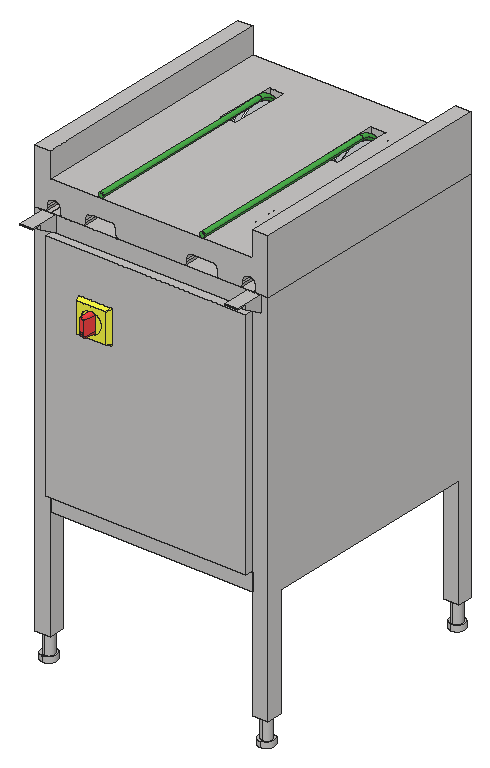
Revit family "QF_ELECTROLUXPROFESSIONAL_865130_HSCCTD", category Attrezzature speciali, Revit 2020
Family settings
  Quota connettore circolare = Usa diametro
  Tipo di parte = Normale
  Basato su piano di lavoro = No
  Sempre verticale = Sì
  Taglio con vuoti quando caricato = No
  Condiviso = No
  Punto di calcolo locali = No
Parameters (values of type "Standard")
  Weight = 48.00 kg
  Watts = 750 W
  Volts = 230 V
  URL Manufacturer = "https://www.electroluxprofessional.com/"
  URL = "https://www.electroluxprofessional.com/"
  Steam Supply Size = 0 mm
  Steam Supply Minimum Pressure = 0.0 Pa
  Steam Supply Maximum Pressure = 0.0 Pa
  Steam Consumption per Hour = 0
  Show Clearance [instance] = yes
  Refrigeration Suction Line Size = 0 mm
  Refrigeration Liquid Line Size = 0 mm
  Refrigerant Compressor Remote = yes
  Prospetto di default = 0 mm
  Produttore = "Electrolux Professional"
  Phase = 1
  Modello = "HSCCTD"
  Length Actual = 500 mm  # constant formula
  Item Number = "865130"
  Hot Water Size = 0 mm
  Height Actual = 910 mm  # constant formula
  HP = "1 HP"
  Gas Size = 0 mm
  Gas KW = 0
  Gas Input Pressure = 0 W
  Direct Waste Size = 0 mm
  Descrizione = "DRIVE UNIT OF CORD CONVEYOR FOR TRAYS WITH VARIABLE SPEED AND LEGS"
  Depth Actual = 460 mm  # constant formula
  Cycle = 50 Hz
  Condensate Return Size = 0 mm
  Compressed Air Volume = 0.0 L/s
  Compressed Air Size = 0 mm
  Compressed Air Pressure = 0.0 Pa
  Cold Water Size = 0 mm
  Accessory = yes
Reference planes
  plane 1 "Center (Front/Back)": y = 0
  plane 2: z = 0
  plane 3 "FRONT": y = -557
  plane 4 "LEFT": x = 4
  plane 5 "RIGHT": x = 464
  plane 6: z = 800.5
  plane 7: x = 234
  plane 8: y = -500
  plane 9: z = 910.5
  plane 10: y = -500
  plane 11: z = 270.5
  plane 12: x = 134
  plane 13: x = 334
  plane 14: y = -125
  plane 15: through (171, -330, 4300) normal (-0.7071, -0.7071, 0)
  plane 16: through (171, -310, 4300) normal (0.7071, -0.7071, 0)
Forms (mm)
  Extrusion 1, solid, material "QF_Finishes_Stainless Steel"
    sketch origin (4, -374, 800.5) x (-1, 0, 0) y (0, 0, 1)
      loop
        line (0, 110) -> (-30, 110) -> (-30, 60) -> (-430, 60) -> (-430, 110) -> (-460, 110) -> (-460, 0) -> (-442, 0)
        arc (-442, 0) -> (-437.05, 2.05) -> (-435, 7) r 7
        line (-435, 7) -> (-435, 12.5)
        arc (-435, 12.5) -> (-431.339, 21.339) -> (-422.5, 25) r 12.5
        arc (-422.5, 25) -> (-413.661, 21.339) -> (-410, 12.5) r 12.5
        line (-410, 12.5) -> (-410, 7)
        arc (-410, 7) -> (-407.95, 2.05) -> (-403, 0) r 7
        line (-403, 0) -> (-367, 0)
        arc (-367, 0) -> (-362.05, 2.05) -> (-360, 7) r 7
        line (-360, 7) -> (-360, 12.5)
        arc (-360, 12.5) -> (-356.339, 21.339) -> (-347.5, 25) r 12.5
        line (-347.5, 25) -> (-312.5, 25)
        arc (-312.5, 25) -> (-303.661, 21.339) -> (-300, 12.5) r 12.5
        line (-300, 12.5) -> (-300, 6.708)
        arc (-300, 6.708) -> (-298.612, 2.525) -> (-295, 0) r 7
        line (-295, 0) -> (-167, 0)
        arc (-167, 0) -> (-162.05, 2.05) -> (-160, 7) r 7
        line (-160, 7) -> (-160, 12.5)
        arc (-160, 12.5) -> (-156.339, 21.339) -> (-147.5, 25) r 12.5
        line (-147.5, 25) -> (-112.5, 25)
        arc (-112.5, 25) -> (-103.661, 21.339) -> (-100, 12.5) r 12.5
        line (-100, 12.5) -> (-100, 7)
        arc (-100, 7) -> (-97.95, 2.05) -> (-93, 0) r 7
        line (-93, 0) -> (-57, 0)
        arc (-57, 0) -> (-52.05, 2.05) -> (-50, 7) r 7
        line (-50, 7) -> (-50, 12.5)
        arc (-50, 12.5) -> (-46.339, 21.339) -> (-37.5, 25) r 12.5
        arc (-37.5, 25) -> (-28.661, 21.339) -> (-25, 12.5) r 12.5
        line (-25, 12.5) -> (-25, 7)
        arc (-25, 7) -> (-22.95, 2.05) -> (-18, 0) r 7
        line (-18, 0) -> (0, 0) -> (0, 110)
    from -126 to 374
  Extrusion 2, solid, material "QF_Finishes_Stainless Steel"
    sketch origin (-92, -1395, 0) x (0, -1, 0) y (0, 0, 1)
      loop
        line (-895, 800.5) -> (-1395, 800.5) -> (-1395, 50.5) -> (-1365, 50.5) -> (-1365, 270.5) -> (-925, 270.5) -> (-925, 50.5) -> (-895, 50.5) -> (-895, 800.5)
    from -126 to -96
  Revolve 3, solid, material "QF_Finishes_Stainless Steel"
    sketch origin (19, -925, 0) x (0, -1, 0) y (0, 0, 1)
      loop
        line (-895, 0) -> (-895, 10.5) -> (-900, 10.5) -> (-900, 50.5) -> (-910, 50.5) -> (-910, 0) -> (-895, 0)
      axis (-910, 0) -> (-910, 50.5)
    angle from 0 to 360
  Extrusion 4, solid, material "QF_Finishes_Stainless Steel"
    sketch origin (560, -1395, 0) x (0, -1, 0) y (0, 0, -1)
      loop
        line (-895, -800.5) -> (-895, -50.5) -> (-925, -50.5) -> (-925, -270.5) -> (-1365, -270.5) -> (-1365, -50.5) -> (-1395, -50.5) -> (-1395, -800.5) -> (-895, -800.5)
    from -126 to -96
  Extrusion 5, solid, material "QF_Finishes_Stainless Steel"
    sketch origin (338, -500, 0) x (0, -1, 0) y (0, 0, 1)
      loop
        line (0, 800.5) -> (-500, 800.5) -> (-500, 270.5) -> (0, 270.5) -> (0, 303.83) -> (-470, 303.83) -> (-470, 768.687) -> (0, 768.687) -> (0, 800.5)
    from -96 to 304
  Extrusion 6, solid, material "QF_Finishes_Stainless Steel"
    sketch origin (338, -750, 0) x (1, 0, 0) y (0, 0, 1)
      loop
        line (94, 305.83) -> (94, 766.687) -> (-302, 766.687) -> (-302, 305.83) -> (94, 305.83)
    from -720 to -235
  Extrusion 7, void
    sketch origin (333, -220, 0) x (-1, 0, 0) y (0, -1, 0)
      loop
        line (-16, -35) -> (-16, -155) -> (14, -155) -> (14, -35) -> (-16, -35)
    from 732.618 to 974.536
  Extrusion 8, void
    sketch origin (125, -220, 0) x (1, 0, 0) y (0, 1, 0)
      loop
        line (-6, 35) -> (24, 35) -> (24, 155) -> (-6, 155) -> (-6, 35)
    from 732.618 to 974.536
  Sweep 9, solid, material "QF_Finishes_Green"
    path origin (134, 0, 0) x (0, 1, 0) y (0, 0, 1)
      loop
        line (-500, 866.334) -> (-110.41, 866.334)
        arc (-110.41, 866.334) -> (-82.126, 854.618) -> (-70.41, 826.334) r 40
        line (-70.41, 826.334) -> (-70.41, 811.334)
    profile origin (134, -305.205, 866.334) x (0, 0, 1) y (1, 0, 0)
      loop
        circle (0, 0) r 5
  Sweep 10, solid, material "QF_Finishes_Green"
    path origin (334, 0, 0) x (0, 1, 0) y (0, 0, 1)
      loop
        line (-500, 866.334) -> (-110.41, 866.334)
        arc (-110.41, 866.334) -> (-82.126, 854.618) -> (-70.41, 826.334) r 40
        line (-70.41, 826.334) -> (-70.41, 811.334)
    profile origin (334, -305.205, 866.334) x (0, 0, 1) y (1, 0, 0)
      loop
        circle (0, 0) r 5
  Extrusion 11, solid, material "QF_Finishes_Stainless Steel"
    sketch origin (130, 0, 0) x (0, 1, 0) y (0, 0, 1)
      loop
        line (-500.187, 800.5) -> (-557, 800.5) -> (-557, 798.488) -> (-537, 798.488) -> (-537, 790.5) -> (-500.187, 768.687) -> (-500.187, 800.5)
    from -110.797 to -86
  Extrusion 12, solid, material "QF_Finishes_Stainless Steel"
    sketch origin (338, 0, 0) x (0, 1, 0) y (0, 0, -1)
      loop
        line (-500.187, -800.5) -> (-500.187, -768.687) -> (-537, -790.5) -> (-537, -798.488) -> (-557, -798.488) -> (-557, -800.5) -> (-500.187, -800.5)
    from -110.797 to -86
  Extrusion 13, solid, material "QF_Finishes_White"
    sketch origin (130, -60, -13.75) x (0, 1, 0) y (0, 0, 1)
      loop
        circle (-65, 825.5) r 55
    from -3.739 to -1
  Extrusion 14, solid, material "QF_Finishes_White"
    sketch origin (130, 0, -13.75) x (0, 1, 0) y (0, 0, 1)
      loop
        circle (-125, 825.5) r 35
    from -1 to 9
  Extrusion 15, solid, material "QF_Finishes_White"
    sketch origin (138, -60, -13.75) x (0, 1, 0) y (0, 0, -1)
      loop
        circle (-65, -825.5) r 55
    from -3.739 to -1
  Extrusion 16, solid, material "QF_Finishes_White"
    sketch origin (338, -60, -13.75) x (0, 1, 0) y (0, 0, -1)
      loop
        circle (-65, -825.5) r 55
    from -3.739 to -1
  Extrusion 17, solid, material "QF_Finishes_White"
    sketch origin (338, 0, -13.75) x (0, 1, 0) y (0, 0, -1)
      loop
        circle (-125, -825.5) r 35
    from -1 to 9
  Extrusion 18, solid, material "QF_Finishes_White"
    sketch origin (330, -60, -13.75) x (0, 1, 0) y (0, 0, 1)
      loop
        circle (-65, 825.5) r 55
    from -3.739 to -1
  Revolve 19, solid, material "QF_Finishes_Stainless Steel"
    sketch origin (449, -925, 0) x (0, -1, 0) y (0, 0, -1)
      loop
        line (-895, 0) -> (-910, 0) -> (-910, -50.5) -> (-900, -50.5) -> (-900, -10.5) -> (-895, -10.5) -> (-895, 0)
      axis (-910, 0) -> (-910, -50.5)
    angle from 0 to 360
  Revolve 20, solid, material "QF_Finishes_Stainless Steel"
    sketch origin (19, -1395, 0) x (0, -1, 0) y (0, 0, 1)
      loop
        line (-895, 0) -> (-895, 10.5) -> (-900, 10.5) -> (-900, 50.5) -> (-910, 50.5) -> (-910, 0) -> (-895, 0)
      axis (-910, 0) -> (-910, 50.5)
    angle from 0 to 360
  Revolve 21, solid, material "QF_Finishes_Stainless Steel"
    sketch origin (449, -1395, 0) x (0, -1, 0) y (0, 0, -1)
      loop
        line (-895, 0) -> (-910, 0) -> (-910, -50.5) -> (-900, -50.5) -> (-900, -10.5) -> (-895, -10.5) -> (-895, 0)
      axis (-910, 0) -> (-910, -50.5)
    angle from 0 to 360
  Extrusion 22, solid, material "QF_Finishes_Stainless Steel"
    sketch origin (543.404, -177.286, 300) x (1, 0, 0) y (0, 1, 0)
      loop
        line (-392.404, -132.714) -> (-392.404, -152.714) -> (-372.404, -152.714) -> (-372.404, -132.714) -> (-392.404, -132.714)
    from 0 to 2
Cuts and joins
  Extrusion 7, Extrusion 8 cuts Extrusion 1
  joined: Extrusion 14, Extrusion 15
Dimensions and locks
  plane 4 "LEFT" to plane 5 "RIGHT" = 460 mm
  plane 1 "Center (Front/Back)" to plane 3 "FRONT" = 557 mm  (x2)
  plane 5 "RIGHT" to plane 4 "LEFT" = 460 mm
  plane 9 to level = 910.5 mm  (x2)
  plane 8 to plane 1 "Center (Front/Back)" = 500 mm
  plane 12 to plane 13 = 200 mm  (x2)
  aligned and locked: level to plane 2
Nested families
  nested 1: "ON_OFF_GIALLO" at (134, -515, 651.187) x (0, 0, 1) z (0, -1, 0), type "ON_OFF_GIALLO"
Connectors
  electrical at (161, -320, 300)
    settings: on Extrusion 22, index 6, voltage 0 V, apparent load 0 VA, apparent load phase1 0 VA, apparent load phase2 0 VA, apparent load phase3 0 VA, power factor 1, load classification "Altro", number of poles 1, system type 30, power factor state 1, is connector primary yes, connector utility no, sub classification motor no, connector description "EI"
Definition of nested family "ON_OFF_GIALLO"
  Parameters
    Default Elevation = 1219.2 mm
  Reference planes
    plane 1 "Centro (Fronte/Retro)": y = 0
    plane 2: z = 0
    plane 3 "Centro (Sinistra/Destra)": x = 0
  Forms (mm)
    Extrusion 1, solid
      sketch origin (0, 0, 0) x (1, 0, 0) y (0, 1, 0)
        loop
          line (-1219.2, 1219.2) -> (-1219.2, -1219.2) -> (1219.2, -1219.2) -> (1219.2, 1219.2) -> (-1219.2, 1219.2)
      from 0 to -304.8
    Blend 2, solid
      base sketch origin (209.903, -1304.8, -0.8) x (-1, 0, 0) y (0, -1, 0)
        loop
          arc (241.024, -1337.8) -> (242.365, -1337.262) -> (242.903, -1335.921) r 1.838
          line (242.903, -1335.921) -> (242.903, -1273.679)
          arc (242.903, -1273.679) -> (242.365, -1272.338) -> (241.024, -1271.8) r 1.838
          line (241.024, -1271.8) -> (178.782, -1271.8)
          arc (178.782, -1271.8) -> (177.441, -1272.338) -> (176.903, -1273.679) r 1.838
          line (176.903, -1273.679) -> (176.903, -1335.921)
          arc (176.903, -1335.921) -> (177.441, -1337.262) -> (178.782, -1337.8) r 1.838
          line (178.782, -1337.8) -> (241.024, -1337.8)
      top sketch origin (209.903, -1304.8, -0.8) x (-1, 0, 0) y (0, -1, 0)
        loop
          line (238.946, -1275.8) -> (180.86, -1275.8) -> (180.86, -1333.8) -> (238.946, -1333.8) -> (238.946, -1275.8)
      from 0.8 to 10.3
    Blend 3, solid
      base sketch origin (209.903, -1304.8, 10.2) x (-1, 0, 0) y (0, -1, 0)
        loop
          arc (224.427, -1310.95) -> (230.577, -1304.8) -> (224.427, -1298.65) r 6.15
          line (224.427, -1298.65) -> (195.379, -1298.65)
          arc (195.379, -1298.65) -> (189.229, -1304.8) -> (195.379, -1310.95) r 6.15
          line (195.379, -1310.95) -> (224.427, -1310.95)
      top sketch origin (209.903, -1304.8, 10.2) x (-1, 0, 0) y (0, -1, 0)
        loop
          arc (195.379, -1300.65) -> (191.229, -1304.8) -> (195.379, -1308.95) r 4.15
          line (195.379, -1308.95) -> (224.427, -1308.95)
          arc (224.427, -1308.95) -> (228.577, -1304.8) -> (224.427, -1300.65) r 4.15
          line (224.427, -1300.65) -> (195.379, -1300.65)
      from -2 to 23
    Extrusion 4, void
      sketch origin (-143.534, -1304.8, -504.042) x (1, 0, 0) y (0, 0, -1)
        loop
          line (117.69, -537.242) -> (135.678, -537.242) -> (132.541, -536.135) -> (117.69, -524.167) -> (117.69, -537.242)
      from 1298.65 to 1310.95
    Extrusion 5, void
      sketch origin (209.903, -1304.8, 9.5) x (0, -1, 0) y (-1, 0, 0)
        loop
          circle (-1304.8, 209.903) r 21
      from 0 to 2
  Cuts and joins
    Extrusion 4 cuts Blend 3
    Extrusion 5 cuts Blend 2
  Dimensions and locks
    aligned and locked: plane 2 to Extrusion 1
    aligned and locked: level to Extrusion 1
